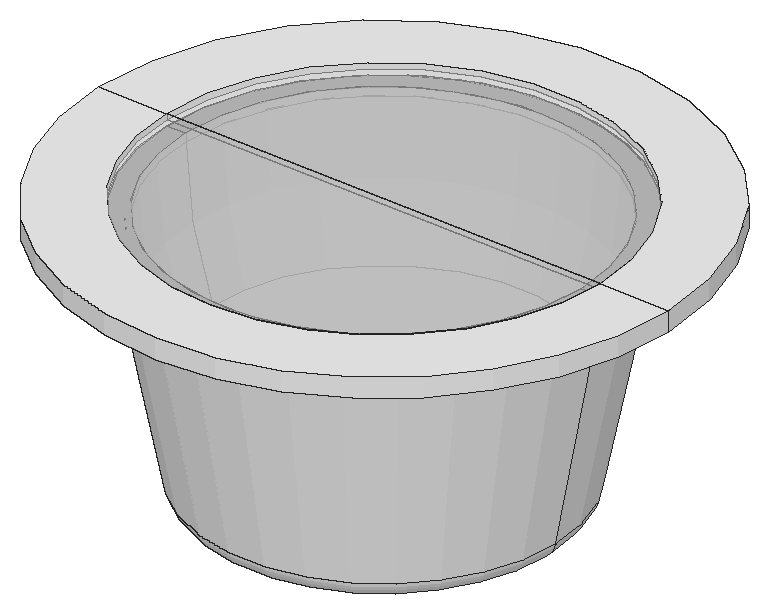
Revit family "2060543+2028034 Sylvania Lighting Fixture ASCENT 100 II ARCH 1000 3K DALI EMG 160 with IP44 Clear Glass", category Lighting Fixtures, host Face, Revit 2016
Family settings
  Host = Face
  Part Type = Normal
  Round Connector Dimension = Use Diameter
  OmniClass Number = 23.80.70.11.17
  OmniClass Title = Specialized Lighting by Location or Use
  Cut with Voids When Loaded = No
  Light Source = Yes
  Shared = No
  Room Calculation Point = No
Parameters (values of type "2060543+2028034 ASCT100 II ARCH 1000 3K DALI EMG 160 with IP44 Clear Glass")
  WidthBezelAcc_SYL = 25.0 mm
  Weight = "1.92 kg"
  Wattage = 9 W
  WarrantyStartDate [instance] = "n/a"
  WarrantyGuarantorParts = "n/a"
  WarrantyDurationUnit = "n/a"
  WarrantyDurationParts = "n/a"
  WarrantyDescription = "n/a"
  built-in parameter 1150110 = 1 (stored number, unit not read)
  Voltage = 0 V
  VisibilityAccessory_SYL = yes
  TypeName = "ASCENT 100 II ARCH 1000 3K DALI EMG 160"
  built-in parameter 1114217 = 1 (stored number, unit not read)
  Tilt Angle = -90°
  built-in parameter 1150109 = 1 (stored number, unit not read)
  built-in parameter 1150134 = (empty or 0)
  built-in parameter 1150113 = 1 (stored number, unit not read)
  SerialNumber [instance] = "n/a"
  ReflectorRadius_SYL = Radius_SYL - 14.5 mm  # 80.0 mm
  RadiusAcc_SYL = 105.0 mm
  Radius_SYL = 94.5 mm
  URL = "http://www.sylvania-lighting.com"
  PowerFactor = 0
  PowerConsumption = "9 W"
  Photometric Web File = "2060543.ies"
  NominalWidth = 0.0 mm
  NominalLength = 0.0 mm
  NominalHeight = 94.0 mm
  Name = "ASCENT 100 II ARCH 1000 3K DALI EMG 160"
  ModelReference = "ASCENT 100 II ARCH 1000 3K DALI EMG 160"
  ModelNumber = "2060543+2028034"
  Material_4_SYL = none
  Material_3_SYL = Polycarbonate_Sylvania_Ascent_Clear
  Material_2_SYL = Aluminium_Sylvania_Ascent_Silver
  Material_1_SYL = Aluminum_Sylvania_Ascent_White
  Material = "aluminium housing, arcylic diffuser"
  ManufacturerName = "Feilo Sylvania"
  LuminousEfficacy = "108 lm/W"
  built-in parameter 1150105 = 77.349 (stored number, unit not read)
  Lumens = 972 lm
  LuminaireType = ""
  built-in parameter 1150115 = 1 (stored number, unit not read)
  LightOutputRatio = "100"
  built-in parameter 1150137 = (empty or 0)
  built-in parameter 1150139 = (empty or 0)
  LampsType = Lamp  # "LED"
  LampNominalLuminous = "968 lm"
  LampMacAdamStep = "3"
  LampColourTemperature = "3000 K"
  LampColourRenderingIndex = "80"
  built-in parameter 1150112 = 1 (stored number, unit not read)
  built-in parameter 1150114 = 1 (stored number, unit not read)
  Keynote = "16500"
  InstallationDate [instance] = "n/a"
  InputVoltage = "n/a"
  InputNominalFrequency = "n/a"
  built-in parameter 1150132 = (empty or 0)
  built-in parameter 1150102 = (empty or 0)
  built-in parameter 1150107 = 3000 (stored number, unit not read)
  built-in parameter 1150138 = (empty or 0)
  IngressProtection = "IP44"
  ImpactProtectionIndex = "IK02"
  built-in parameter 1150106 = 0.77349 (stored number, unit not read)
  IfcExportType = "IfcLightFixtureType"
  IfcExportAs = "IfcLightFixtureType"
  Height_SYL = 94.0 mm
  HeightAcc_SYL = 7.0 mm
  ExpectedLife = 50000
  EmittionSurface_SYL = if(VisibilityAccessory_SYL, 7.0 mm, 3.0 mm)  # 7.0 mm
  Emit from Circle Diameter = DiffuserRadius_SYL * 2  # 146.0 mm
  Emit Shape Visible in Rendering = no
  ElectricShockClassification = "Class II"
  built-in parameter 1150104 = 10.034 (stored number, unit not read)
  DurationUnit = "hours"
  DocumentationLiterature = "http://www.sylvania-lighting.com/product/en-int/products/2060543"
  DimmingControlOptions = "n/a"
  Dimming Lamp Color Temperature Shift = <None>
  DiffuserRadius_SYL = ReflectorRadius_SYL - 7.0 mm  # 73.0 mm
  Diameter_SYL = 2 * Radius_SYL  # 189.0 mm
  CutoutDiameter_SYL = Diameter_SYL - 13.0 mm  # 176.0 mm
  CreatedOn = "9/17/2018"
  CreatedBy = "@sylvania-lighting.com"
  Color Filter = 16777215
  built-in parameter 1114216 [instance] = 1 (stored number, unit not read)
  Model = "ASCENT 100 II ARCH 1000 3K DALI EMG 160"
  Manufacturer = "Feilo Sylvania"
  Lamp = "LED"
  Description = "Direct LED retro fit for original LED 100 Arch (160) single CFL lamp offering Matching lumen levels and improved light distribution of original LED 100 CFL lamp equivalents Typically half the power consumption compared to CFL Up to 112lm/W 160mm aperture Architectural reflector accepts range of glass accessories from existing LED 100 Arch 160 offering HE, HO and VHO versions equivalent of single 1 x 18W, 1 x 32W, 1 x 42W\r\n Additional VVHO versions which offer the performance circa 2 x 32W equivalent"  # constant formula
  Default Elevation = 0.0 mm
  built-in parameter 1140040 [instance] = 1
  BarCode [instance] = "n/a"
  built-in parameter 1114218 = 1 (stored number, unit not read)
  built-in parameter 1150133 = 10 (stored number, unit not read)
  AssetType = "Fixed"
  AssetIdentifier [instance] = "n/a"
  Assembly Code = "D5020200"
  Apparent Load = 9 VA
  Aperture_SYL = 2 * ReflectorRadius_SYL  # 160.0 mm
Types (2, lengths in mm): name | Wattage | TypeName | Photometric Web File | Name | ModelReference | built-in parameter 1150105 | Lumens | built-in parameter 1150106 | Model | Apparent Load
  2060543+2028034 ASCT100 II ARCH 1000 3K DALI EMG 160 with IP44 Clear Glass | 9 W | "ASCENT 100 II ARCH 1000 3K DALI EMG 160" | "2060543.ies" | "ASCENT 100 II ARCH 1000 3K DALI EMG 160" | "ASCENT 100 II ARCH 1000 3K DALI EMG 160" | 77.349 (stored number, unit not read) | 972 lm | 0.77349 (stored number, unit not read) | "ASCENT 100 II ARCH 1000 3K DALI EMG 160" | 9 VA
  2060543+2028034 ASCT100 II ARCH 1000 3K DALI EMG 160 with IP44 Clear Glass Emergency mode | 1.65741 W | "ASCT100 II ARCH 1000 3K DALI EMG 160 with IP44 Clear Glass Emergency mode" | "2060543EM.ies" | "ASCT100 II ARCH 1000 3K DALI EMG 160 with IP44 Clear Glass Emergency mode" | "ASCT100 II ARCH 1000 3K DALI EMG 160 with IP44 Clear Glass Emergency mode" | 14.244 (stored number, unit not read) | 179 lm | 0.14244 (stored number, unit not read) | "ASCT100 II ARCH 1000 3K DALI EMG 160 with IP44 Clear Glass Emergency mode" | 1.65741 VA
Reference planes
  plane 1 "Center (Front/Back)": y = 0
  plane 2: z = 0
  plane 3 "Center (Left/Right)": x = 0
  plane 4 "Fixture Bottom": z = 3
  plane 5: z = -52.5
  plane 6 "Fixture Top": z = -91
  plane 7: x = -105
  plane 8: z = 7
  plane 9: x = -80
  plane 10: z = 5
  plane 11: x = -103
Forms (mm)
  Extrusion 1, solid, material "Aluminum_Sylvania_Ascent_White", detail levels fine
    sketch origin (0, 0, 0) x (1, 0, 0) y (0, 1, 0)
      loop
        circle (0, 0) r 94.5
      loop
        circle (0, 0) r 80
    from 0 to 3
  Extrusion 2, void
    sketch origin (0, 0, 0) x (1, 0, 0) y (0, 1, 0)
      loop
        circle (0, 0) r 88
    from -91 to 3
  Revolve 3, solid, material "Aluminum_Sylvania_Ascent_White" <- "Material_1_SYL", detail levels fine
    sketch origin (0, 0, 0) x (1, 0, 0) y (0, 0, 1)
      loop
        line (0, -91.073) -> (0, -89.023) -> (-55.468, -89.014)
        arc (-55.468, -89.014) -> (-59.352, -87.613) -> (-61.54, -84.139) r 6.307
        line (-61.54, -84.139) -> (-77.991, -2.844) -> (-77.991, 0) -> (-80, 0) -> (-80, -3) -> (-63.5, -84.536)
        arc (-63.5, -84.536) -> (-60.643, -89.203) -> (-55.5, -91.073) r 8.291
        line (-55.5, -91.073) -> (0, -91.073)
      axis (0, 0) -> (0, -91.073)
    angle from 0 to 360
  Revolve 4, solid, material "Aluminium_Sylvania_Ascent_Silver" <- "Material_2_SYL", detail levels fine
    sketch origin (0, 0, 0) x (1, 0, 0) y (0, 0, 1)
      loop
        line (-80, 3) -> (-80, 0) -> (-75, 0)
        arc (-75, 0) -> (-72.349, -26.77) -> (-64.5, -52.5) r 136.5
        line (-64.5, -52.5) -> (-58, -52.5)
        arc (-58, -52.5) -> (-56.857, -61.521) -> (-53.5, -69.971) r 36.166
        line (-53.5, -69.971) -> (0, -69.971) -> (0, -50.5) -> (-63.16, -50.5)
        arc (-63.16, -50.5) -> (-70.517, -25.725) -> (-73, 0) r 134.5
        line (-73, 0) -> (-73, 3) -> (-80, 3)
      axis (0, 3) -> (0, -69.971)
    angle from 0 to 360
  Extrusion 5, solid, material "Polycarbonate_Sylvania_Ascent_Clear" <- "Material_3_SYL", detail levels fine
    sketch origin (0, 0, 0) x (1, 0, 0) y (0, 1, 0)
      loop
        circle (0, 0) r 73
    from 0 to 3
  Revolve 6, solid, material "Aluminum_Sylvania_Ascent_White" <- "Material_1_SYL", detail levels coarse+medium
    sketch origin (0, 0, 0) x (1, 0, 0) y (0, 0, 1)
      loop
        line (0, -91.073) -> (0, 3) -> (-94.5, 3) -> (-94.5, 0) -> (-79.5, 0) -> (-79.5, -3) -> (-63, -84.536)
        arc (-63, -84.536) -> (-60.143, -89.203) -> (-55, -91.073) r 8.291
        line (-55, -91.073) -> (0, -91.073)
      axis (0, 3) -> (0, -91.073)
    angle from 0 to 360
  Revolve 7, solid, material "Aluminum_Sylvania_Ascent_White" <- "Material_1_SYL", visible <- "VisibilityAccessory_SYL"
    sketch origin (0, 0, 0) x (1, 0, 0) y (0, 0, 1)
      loop
        line (-105, 0) -> (-103, 0) -> (-103, 5) -> (-80, 5) -> (-80, 7) -> (-105, 7) -> (-105, 0)
      axis (0, 7) -> (0, 0)
    angle from 0 to 360
  Revolve 8, solid, material "Polycarbonate_Sylvania_Ascent_Clear" <- "Material_3_SYL", visible <- "VisibilityAccessory_SYL"
    sketch origin (0, 0, 0) x (1, 0, 0) y (0, 0, 1)
      loop
        line (-80, 7) -> (-80, 5) -> (0, 5) -> (0, 7) -> (-80, 7)
      axis (0, 7) -> (0, 5)
    angle from 0 to 360
Lines and regions (mm)
  reference lines
    curve 1: line (-150, 0, 7) -> (125, 0, 7)
Dimensions and locks
  locked: plane 4 "Fixture Bottom" to plane 2 at 3
  "Height_SYL": plane 4 "Fixture Bottom" to plane 6 "Fixture Top"
  "ReflectorRadius_SYL": plane 3 "Center (Left/Right)" to Revolve 4 sketch curve
  locked: Revolve 4 sketch curve to Revolve 4 sketch curve at 15.5
  locked: Revolve 4 sketch curve to Revolve 4 sketch curve at 5
  locked: Revolve 4 sketch curve to Revolve 4 sketch curve at 7
  locked: Revolve 4 sketch curve to Revolve 4 sketch curve at 22
  locked: Revolve 4 sketch curve to Revolve 4 sketch curve at 26.5
  locked: Revolve 3 sketch curve to Revolve 3 sketch curve at 16.5
  locked: Revolve 3 sketch curve to Revolve 3 sketch curve at 24.5
  "ReflectorRadius_SYL": Revolve 3 sketch curve to plane 3 "Center (Left/Right)"
  locked: Revolve 3 sketch curve to plane 6 "Fixture Top" at 6.464
  locked: plane 2 to Revolve 3 sketch curve at 3
  locked: Revolve 3 sketch curve to Revolve 3 sketch curve at 2
  locked: Revolve 3 sketch curve to Revolve 3 sketch curve at 2.009
  locked: plane 2 to plane 5 at 52.5
  locked: Revolve 6 sketch curve to Revolve 6 sketch curve at 31.5
  locked: Revolve 6 sketch curve to Revolve 6 sketch curve at 39.5
  locked: Revolve 6 sketch curve to Revolve 6 sketch curve at 15
  "Radius_SYL": plane 3 "Center (Left/Right)" to Revolve 6 sketch curve
  "RadiusAcc_SYL": plane 3 "Center (Left/Right)" to plane 7
  "HeightAcc_SYL": plane 8 to level
  "WidthBezelAcc_SYL": plane 7 to plane 9
  locked: plane 7 to plane 11 at 2
  locked: plane 8 to plane 10 at 2
  "EmittionSurface_SYL": curve 1 to level
  "CutoutDiameter_SYL": diameter of Extrusion 2 sketch curve
  "ReflectorRadius_SYL": radius of Extrusion 1 sketch curve
  "DiffuserRadius_SYL": radius of Extrusion 5 sketch curve
  "Radius_SYL": radius of Extrusion 1 sketch curve
  aligned and locked: host face to plane 2
  aligned and locked: host face to level
  aligned and locked: plane 4 "Fixture Bottom" to Extrusion 1
  aligned and locked: Extrusion 1 to plane 2
  aligned and locked: Revolve 3 sketch curve to plane 3 "Center (Left/Right)"
  aligned and locked: Revolve 4 sketch curve to plane 3 "Center (Left/Right)"  (x2)
  aligned and locked: plane 4 "Fixture Bottom" to Revolve 4 sketch curve
  aligned and locked: Extrusion 5 to plane 2
  aligned and locked: plane 2 to Revolve 3 sketch curve  (x2)
  aligned and locked: Revolve 6 sketch curve to plane 3 "Center (Left/Right)"
  aligned and locked: plane 6 "Fixture Top" to Extrusion 2
  aligned and locked: Revolve 7 sketch curve to plane 3 "Center (Left/Right)"
  aligned and locked: host face to Revolve 7 sketch curve  (x2)
  aligned and locked: Revolve 7 sketch curve to plane 7
  aligned and locked: plane 8 to Revolve 7 sketch curve
  aligned and locked: plane 9 to Revolve 7 sketch curve
  aligned and locked: Revolve 7 sketch curve to plane 10
  aligned and locked: plane 11 to Revolve 7 sketch curve
  aligned and locked: Revolve 7 to Revolve 8 sketch curve
  aligned and locked: Revolve 8 sketch curve to Revolve 7  (x2)
  aligned and locked: Revolve 8 sketch curve to plane 3 "Center (Left/Right)"  (x2)
  aligned and locked: plane 3 "Center (Left/Right)" to imposter light
  aligned and locked: imposter light to plane 1 "Center (Front/Back)"
  aligned and locked: imposter light to curve 1
Automatic sketch dimensions
  plane 1 "Center (Front/Back)" to Extrusion 2 sketch curve = 0.0 mm
  Extrusion 2 sketch curve to plane 3 "Center (Left/Right)" = 0.0 mm
  Extrusion 1 sketch curve to Extrusion 1 sketch curve = 0.0 mm  (x2)
  plane 1 "Center (Front/Back)" to Extrusion 1 sketch curve = 0.0 mm
  Extrusion 1 sketch curve to plane 3 "Center (Left/Right)" = 0.0 mm
  plane 6 "Fixture Top" to Revolve 3 sketch curve = 0.073 mm
  Revolve 3 sketch curve to plane 6 "Fixture Top" = 6.861 mm
  Revolve 3 sketch curve to Revolve 3 sketch curve = 0.003 mm
  Revolve 3 sketch curve to Revolve 3 sketch curve = 0.009 mm  (x2)
  Revolve 3 sketch curve to Revolve 3 sketch curve = 0.023 mm
  Revolve 3 sketch curve to Revolve 3 sketch curve = 0.072 mm
  Revolve 3 sketch curve to Revolve 3 sketch curve = 0.008 mm
  Revolve 3 sketch curve to plane 6 "Fixture Top" = 1.977 mm
  Revolve 3 sketch curve to Revolve 3 sketch curve = 33.496 mm
  Revolve 3 sketch curve to Revolve 3 sketch curve = 0.028 mm
  plane 4 "Fixture Bottom" to Revolve 3 sketch curve = 82.431 mm
  Revolve 4 sketch curve to Revolve 4 sketch curve = 0.0 mm  (x2)
  Revolve 4 sketch curve to plane 5 = 0.0 mm
  Revolve 4 sketch curve to level = 0.0 mm
  plane 5 to Revolve 4 sketch curve = 2.0 mm
  plane 4 "Fixture Bottom" to Revolve 4 sketch curve = 9.642 mm
  plane 1 "Center (Front/Back)" to Extrusion 5 sketch curve = 0.0 mm
  Extrusion 5 sketch curve to plane 3 "Center (Left/Right)" = 0.0 mm
  Revolve 4 sketch curve to level = 69.971 mm
  Revolve 4 sketch curve to Revolve 4 sketch curve = 2.387 mm
  Revolve 6 sketch curve to level = 0.0 mm
  Revolve 6 sketch curve to plane 3 "Center (Left/Right)" = 0.0 mm
  Revolve 6 sketch curve to Revolve 6 sketch curve = 8.104 mm
  Revolve 6 sketch curve to level = 3.0 mm
  Revolve 6 sketch curve to plane 6 "Fixture Top" = 6.464 mm
  plane 6 "Fixture Top" to Revolve 6 sketch curve = 0.073 mm
  Revolve 6 sketch curve to Revolve 6 sketch curve = 33.496 mm
  plane 4 "Fixture Bottom" to Revolve 6 sketch curve = 82.431 mm
  host sketch curve to host sketch curve = 1704.996 mm
  host sketch curve to host sketch curve = 1500.0 mm
  plane 6 "Fixture Top" to Revolve 7 sketch curve = 281.274 mm
  Revolve 7 sketch curve to plane 8 = 1140.706 mm
  plane 6 "Fixture Top" to Revolve 8 sketch curve = 281.274 mm
  Revolve 8 sketch curve to Revolve 8 sketch curve = 1140.706 mm
  Revolve 3 sketch curve to plane 3 "Center (Left/Right)" = 0.0 mm
  Revolve 6 sketch curve to plane 4 "Fixture Bottom" = 0.0 mm
  plane 7 to curve 1 = 45.0 mm
  plane 3 "Center (Left/Right)" to curve 1 = 125.0 mm
Connectors
  electrical at (0, 0, -91.073), driven by "Apparent Load"
    settings: on Revolve 3, index 1, voltage 240 V, apparent load 0 VA, apparent load phase1 9 VA, apparent load phase2 0 VA, apparent load phase3 0 VA, power factor 1, load classification "Lighting", number of poles 1, system type 31, power factor state 1, is connector primary yes, connector utility no, sub classification motor no, connector description ""
